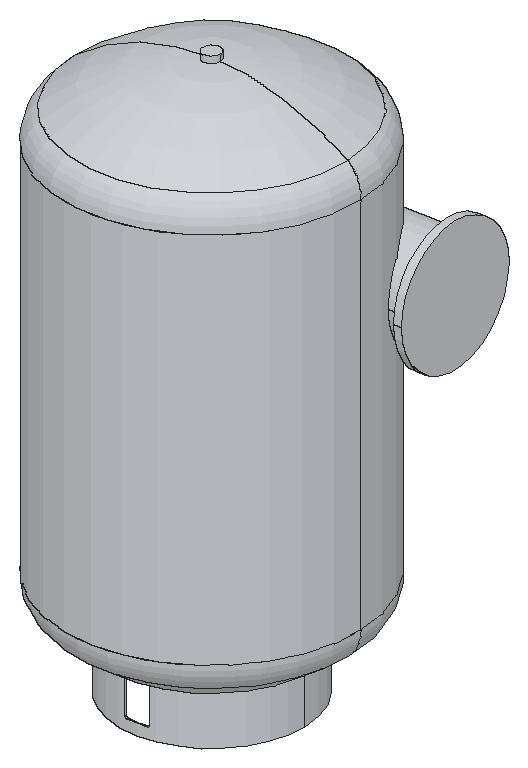
Revit family
Parameters (values of type "24-AS-L 125# W.P.")
  Weight = "6500 lbs"
  Top to Inlet = 46.500"
  Top Connection Radius = 1.500"
  Top Connection Diameter = Top Connection Radius * 2  # 3.000"
  Tank Height = 137.750"
  Tangential = yes
  Tank Height Less Stand = 129.750"
  Tank Diameter = 72.000"
  Pipe Location off CL = 22.000"
  Outlet Pipe Flange Conn. Radius = Outlet Pipe Flange Conn / 2  # 12.000"
  Outlet Pipe Flange Conn = 24.000"
  Model = "24\"-AS-L"
  Pressure Drop = ".21"
  Max Operating Temp = "350 DEG F"
  Max Operating Pressure = "125 PSI"
  Manufacturer = "Amtrol"
  Inlet CL to Outlet CL = 43.000"
  Inlet Pipe Flange Conn = 24.000"
  Inlet Pipe Flange Conn. Radius = Inlet Pipe Flange Conn / 2  # 12.000"
  Flow (GPM) = "7625"
  Flange to Flange Height = 82.000"
  CL to Outlet Flange = 41.000"
  Bottom Connection Radius = Bottom Connection Diameter / 2  # 1.500"
  Bottom Connection Diameter = 3.000"
  ASME = yes
Types (3): name | Max Operating Pressure
  (no name) | "125 PSI"
  24-AS-L 125# W.P. | "125 PSI"
  24-AS-L 150# W.P. 10 BAR | "150 PSI"
Reference planes (in)
  plane 1 "Center (Front/Back)": y = 0
  plane 2: z = 0
  plane 3 "Center (Left/Right)": x = -1.2315
Forms (in)
  Revolve 1, solid
    sketch origin (0, 0, 0) x (1, 0, 0) y (0, 0, 1)
      loop
        arc (34.7685, 111.75) -> (33.98292, 115.73728) -> (31.43605, 118.90413) r 8.5
        arc (31.43605, 118.90413) -> (16.00954, 127.05974) -> (-1.2315, 129.75) r 52.875
        line (-1.2315, 129.75) -> (-1.2315, 0)
        arc (-1.2315, 0) -> (16.30432, 3.34365) -> (31.72802, 12.33224) r 52.875
        arc (31.72802, 12.33224) -> (34.00373, 15.32163) -> (34.7685, 19) r 8.5
        line (34.7685, 19) -> (34.7685, 111.75)
      axis (-1.2315, 0) -> (-1.2315, 129.75)
    angle from 0 to 360
  Extrusion 2, solid
    sketch origin (0, 0, 4.33383) x (0, 1, 0) y (0, 0, 1)
      loop
        circle (22, 78.91617) r 12
    from 1.7685 to 37.7685
  Extrusion 3, solid
    sketch origin (1.78583, 0, 18.02222) x (0, 1, 0) y (0, 0, 1)
      loop
        circle (22, 22.22778) r 12
    from -41.89233 to -6.01733
  Extrusion 4, solid
    sketch origin (6.54208, 0, 8.25512) x (0, 1, 0) y (0, 0, 1)
      loop
        circle (22, 74.99488) r 16
    from 31.22642 to 33.22642
  Extrusion 5, solid
    sketch origin (0, 0, 0.63219) x (0, 1, 0) y (0, 0, 1)
      loop
        circle (22, 39.61781) r 16
    from -40.1065 to -42.2315
  Sweep 6, solid
    path origin (0.0083, 0, 42.63637) x (1, 0, 0) y (0, 0, 1)
      loop
        line (-1.2315, 87.11363) -> (-1.2315, 88.61363)
    profile origin (-1.2232, 0, 130.5) x (-1, 0, 0) y (0, -1, 0)
      loop
        circle (0, 0) r 2.125
  Sweep 7, solid
    path origin (0, 0, 0.47237) x (1, 0, 0) y (0, 0, 1)
      loop
        line (-1.2315, -1.75069) -> (-1.2315, -0.47237)
    profile origin (-1.2315, 0, -0.63916) x (-1, 0, 0) y (0, -1, 0)
      loop
        circle (0, 0) r 2.125
  Extrusion 8, solid
    sketch origin (0, 0, 0.2359) x (1, 0, 0) y (0, 1, 0)
      loop
        circle (-1.2315, 0) r 22.5
      loop
        circle (-1.2315, 0) r 22.25
    from 6.90601 to -6.7359
  Extrusion 9, void
    sketch origin (0, 0, 0) x (1, 0, 0) y (0, 0, 1)
      loop
        line (-4.2315, 7.14191) -> (-4.2315, -3.2464)
        arc (-4.2315, -3.2464) -> (-4.08505, -3.59996) -> (-3.7315, -3.7464) r 0.5
        line (-3.7315, -3.7464) -> (1.2685, -3.7464)
        arc (1.2685, -3.7464) -> (1.62205, -3.59996) -> (1.7685, -3.2464) r 0.5
        line (1.7685, -3.2464) -> (1.7685, 7.14191) -> (-4.2315, 7.14191)
    from 4.41095 to 33.97425
Cuts and joins
  Extrusion 9 cuts Sweep 7
  Extrusion 9 cuts Extrusion 8
Text (in)
  text "INLET" at (47.59802, 0, 98.03318), in view "Front"
  text "OUTLET" at (-56.09859, 0, 41.91926), in view "Front"
Dimensions and locks (in)
  "Pipe Location off CL": plane 1 "Center (Front/Back)" to Extrusion 2 sketch curve
  "Pipe Location off CL": plane 1 "Center (Front/Back)" to Extrusion 3 sketch curve
  "Pipe Location off CL": Extrusion 5 sketch curve to plane 1 "Center (Front/Back)"
  "Pipe Location off CL": Extrusion 4 sketch curve to plane 1 "Center (Front/Back)"
  "CL to Outlet Flange": Extrusion 5 to plane 3 "Center (Left/Right)"
  "Top to Inlet": Sweep 6 to Extrusion 4 sketch curve
  "Top to Inlet": Sweep 6 to Extrusion 2 sketch curve
  locked: Sweep 6 to Extrusion 5 sketch curve at 89.5
  locked: Sweep 6 to Extrusion 3 sketch curve at 89.5
  locked: Revolve 1 sketch curve to level at 0
  "Tank Height Less Stand": Revolve 1 sketch curve to Revolve 1 sketch curve
  "Tank Height Less Stand": Sweep 6 sketch curve to level
  "Tank Height Less Stand": Sweep 6 to Sweep 7 sketch curve
  radius of Revolve 1 sketch curve = 52.875"  (x2)
  radius of Revolve 1 sketch curve = 8.500"  (x2)
  aligned: Extrusion 2 to Extrusion 4
  aligned and locked: Extrusion 3 to Extrusion 5
  aligned: Extrusion 3 to Extrusion 2
  aligned and locked: Extrusion 8 to Extrusion 9
  aligned and locked: plane 3 "Center (Left/Right)" to Sweep 7 sketch curve
  aligned and locked: cut or joined group of Extrusion 8, Extrusion 9 to Extrusion 3
  aligned and locked: Extrusion 2 to cut or joined group of Extrusion 8, Extrusion 9
Automatic sketch dimensions
  plane 1 "Center (Front/Back)" to Sweep 6 sketch curve = 0.000"
  Sweep 6 sketch curve to profile plane = 0.000"
  plane 1 "Center (Front/Back)" to Sweep 7 sketch curve = 0.000"
  Sweep 7 sketch curve to profile plane = 0.000"
  Extrusion 8 sketch curve to Extrusion 8 sketch curve = 0.000"  (x2)
  plane 1 "Center (Front/Back)" to Extrusion 8 sketch curve = 0.000"
  Extrusion 8 sketch curve to plane 3 "Center (Left/Right)" = 0.000"
  Extrusion 9 sketch curve to plane 3 "Center (Left/Right)" = 3.000"
  Extrusion 9 sketch curve to Extrusion 9 sketch curve = 0.500"  (x2)
  Extrusion 9 sketch curve to level = 3.2464"
  plane 3 "Center (Left/Right)" to Extrusion 9 sketch curve = 2.500"
  level to Extrusion 9 sketch curve = 7.14191"
  Sweep 7 sketch curve to level = 1.27832"
  Revolve 1 sketch curve to plane 3 "Center (Left/Right)" = 0.000"  (x2)
  Revolve 1 sketch curve to level = 0.000"
  Revolve 1 sketch curve to plane 3 "Center (Left/Right)" = 0.99349"
  plane 3 "Center (Left/Right)" to Revolve 1 sketch curve = 0.5804"
  plane 3 "Center (Left/Right)" to Revolve 1 sketch curve = 27.50135"
  plane 3 "Center (Left/Right)" to Revolve 1 sketch curve = 27.50933"
  Revolve 1 sketch curve to Revolve 1 sketch curve = 5.15822"
  Revolve 1 sketch curve to Revolve 1 sketch curve = 5.45817"
  Revolve 1 sketch curve to Revolve 1 sketch curve = 3.04048"
  Revolve 1 sketch curve to Revolve 1 sketch curve = 7.32582"
  plane 3 "Center (Left/Right)" to Sweep 6 sketch curve = 0.0083"
  Sweep 6 sketch curve to Sweep 6 sketch curve = 1.500"
  radius of Extrusion 2 sketch curve = 12.000"
  radius of Extrusion 3 sketch curve = 12.000"
  radius of Extrusion 4 sketch curve = 16.000"
  radius of Extrusion 5 sketch curve = 16.000"
  radius of Sweep 6 sketch curve = 2.125"
  radius of Sweep 7 sketch curve = 2.125"
  radius of Extrusion 8 sketch curve = 22.500"
  radius of Extrusion 8 sketch curve = 22.250"
Connectors (in)
  piping at (-1.2232, 0, 131.25), driven by "Top Connection Radius"
    settings: on Sweep 6, index 3
  piping at (-42.2315, 22, 40.25), driven by "Outlet Pipe Flange Conn. Radius"
    settings: on Extrusion 5, index 4
  piping at (-1.2315, 0, -1.27832), driven by "Bottom Connection Radius"
    settings: on Sweep 7, index 5
  piping at (39.7685, 22, 83.25), driven by "Inlet Pipe Flange Conn. Radius"
    settings: on Extrusion 4, index 6
